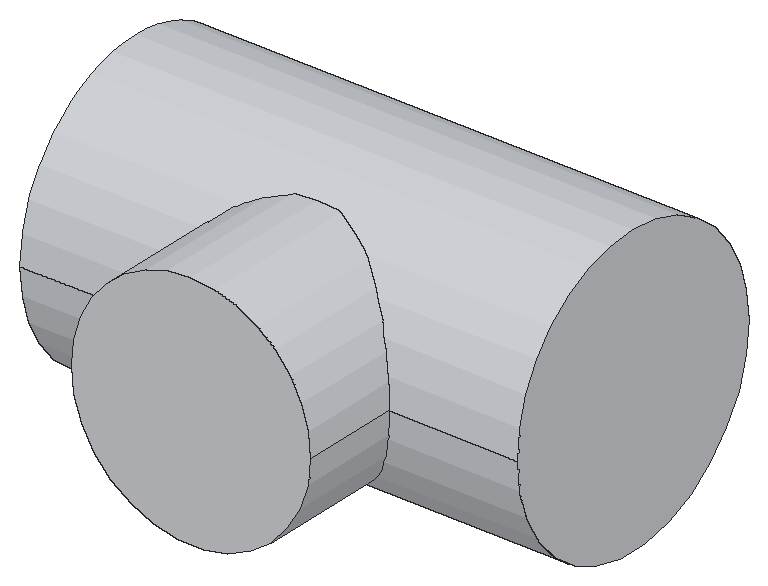
Revit family "Tê de ramificação reduzida - Rosqueado - CU", category Conexões de tubo, Revit 2019
Family settings
  Cota do conector redondo = Usar raio
  Tipo de parte = Tê
  Com base no plano de trabalho = Não
  Sempre na vertical = Sim
  Corte com vazios quando carregada = Não
  Compartilhado = Não
Parameters (values of type "Padrão")
  Tamanho da marca de cota 2 [instance] = 0.4 * Diâmetro externo da conexão 2  # 10.8 mm
  Tamanho da marca de cota 1 [instance] = 0.4 * Diâmetro externo da conexão 1  # 13 mm
  Nome da tabela de pesquisa = "BR_Tee Branch Reduced - Threaded - CU"
  Raio externo da conexão 2 [instance] = Diâmetro externo da conexão 2 / 2  # 13.5 mm
  Raio externo da conexão 1 [instance] = Diâmetro externo da conexão 1 / 2  # 16.25 mm
  Diâmetro externo da conexão 2 [instance] = size_lookup(Nome da tabela de pesquisa, "FOD", 1.12 * Diâmetro nominal 2 + 10.5 mm, Diâmetro nominal 2)  # 27 mm
  Diâmetro externo da conexão 1 [instance] = size_lookup(Nome da tabela de pesquisa, "FOD", 1.12 * Diâmetro nominal 1 + 10.5 mm, Diâmetro nominal 1)  # 32.5 mm
  Raio nominal 2 [instance] = 7.5 mm
  Raio nominal 1 [instance] = 10 mm
  Diâmetro nominal 2 [instance] = Raio nominal 2 * 2  # 15 mm
  Diâmetro nominal 1 [instance] = Raio nominal 1 * 2  # 20 mm
  Método de perda = Coeficiente K da tabela
  Tabela de coeficiente K = "T rosqueado"
  Centro para o trecho da face [instance] = size_lookup(Nome da tabela de pesquisa, "CtFR", 0.4 * Diâmetro nominal 1 + 0.55 * Diâmetro nominal 2 + 14.9 mm, Diâmetro nominal 1, Diâmetro nominal 2)  # 28 mm
  Legenda do centro para o trecho da face [instance] = if(Centro para o trecho da face < Legenda do centro para a ramificação da face * cos(Ângulo 1) + Raio externo da conexão 2 * sin(Ângulo 1), Legenda do centro para a ramificação da face * cos(Ângulo 1) + Raio externo da conexão 2 * sin(Ângulo 1), Centro para o trecho da face)  # 28 mm
  Legenda do centro para a ramificação da face [instance] = if(Centro para a ramificação da face * sin(Ângulo 1) - Raio externo da conexão 2 * cos(Ângulo 1) < Raio externo da conexão 1, (Raio externo da conexão 1 + Raio externo da conexão 2 * cos(Ângulo 1)) / sin(Ângulo 1), Centro para a ramificação da face)  # 27.18 mm
  Centro para a ramificação da face [instance] = size_lookup(Nome da tabela de pesquisa, "CtFB", 0.95 * Diâmetro nominal 1 + 16.5 mm, Diâmetro nominal 1, Diâmetro nominal 2)  # 27.18 mm
  Ângulo [instance] = 90.00°
  Ângulo 1 [instance] = if(Ângulo > 90.00°, 180.00° - Ângulo, Ângulo)  # 90.00°
Reference planes
  plane 1 "Centro (Frente/Trás)": y = 0
  plane 2: z = 0
  plane 3 "Centro (Esquerda/Direita)": x = 0
  plane 4: x = -28
  plane 5: x = 28
  plane 6: y = 13
  plane 7: y = -13
Forms (mm)
  Sweep 1, solid, detail levels fine
    path in 3D
      loop
        line (-28, 0, 0) -> (28, 0, 0)
    profile origin (0, 0, 0) x (0, 1, 0) y (0, 0, 1)
      loop
        circle (0, 0) r 16.25
  Sweep 2, solid, detail levels fine
    path in 3D
      loop
        line (0, 0, 0) -> (0, -27.18, 0)
    profile origin (0, -13.59, 0) x (1, 0, 0) y (0, 0, 1)
      loop
        circle (0, 0) r 13.5
Cuts and joins
  joined: Sweep 1, Sweep 2
Lines and regions (mm)
  model lines, detail levels coarse+medium
    curve 1: line (-28, 0, 0) -> (28, 0, 0)
    curve 3: line (0, 0, 0) -> (0, -27.18, 0)
    curve 5: line (-28, 13, 0) -> (-28, -13, 0)
    curve 6: line (28, 13, 0) -> (28, -13, 0)
    curve 7: line (0, -27.18, 0) -> (10.8, -27.18, 0)
    curve 8: line (0, -27.18, 0) -> (-10.8, -27.18, 0)
  sketch lines
    curve 2: line (-28, 0, 0) -> (28, 0, 0)
    curve 4: line (0, 0, 0) -> (0, -27.18, 0)
Dimensions and locks
  "Legenda do centro para o trecho da face": plane 4 to plane 3 "Centro (Esquerda/Direita)"
  "Legenda do centro para o trecho da face": plane 3 "Centro (Esquerda/Direita)" to plane 5
  "Legenda do centro para a ramificação da face": curve 3 to curve 3
  "Tamanho da marca de cota 1": plane 6 to plane 1 "Centro (Frente/Trás)"
  "Tamanho da marca de cota 1": plane 7 to plane 1 "Centro (Frente/Trás)"
  "Tamanho da marca de cota 2": curve 7 to curve 7
  "Tamanho da marca de cota 2": curve 8 to curve 8
  "Raio externo da conexão 1": radius of Sweep 1 sketch curve
  "Raio externo da conexão 2": radius of Sweep 2 sketch curve
  "Ângulo": angle curve 3 to curve 1
  locked: curve 7 to curve 3 (angle 90.00°)
  locked: curve 3 to curve 8 (angle 90.00°)
  aligned and locked: plane 1 "Centro (Frente/Trás)" to curve 1
  aligned and locked: plane 1 "Centro (Frente/Trás)" to Sweep 1 sketch curve
  aligned and locked: plane 2 to Sweep 2 sketch curve
  aligned and locked: plane 2 to Sweep 1 sketch curve
  aligned and locked: plane 3 "Centro (Esquerda/Direita)" to curve 3
  aligned and locked: plane 5 to curve 1
  aligned and locked: plane 4 to curve 1
  aligned and locked: plane 7 to curve 5
  aligned and locked: plane 6 to curve 5
  aligned and locked: curve 5 to plane 4
  aligned and locked: plane 6 to curve 6
  aligned and locked: plane 7 to curve 6
  aligned and locked: curve 6 to plane 5
Automatic sketch dimensions
  profile plane to Sweep 2 sketch curve = 0 mm
Connectors
  piping at (-28, 0, 0), diameter 20, driven by "Raio nominal 1"
    settings: on Sweep 1, index 1, connector inside diameter 20 mm, connector length 0 mm, flow factor 0, pipe flow 0.0 L/s, pressure drop 0.0 Pa, fitting loss kfactor 0, connector angle 0.00°, fixture units 0, engagement length 0 mm, angle of deflection 0.00°, flow configuration 0, flow direction 0, fitting loss method 0, system type 28, joint type 0, gender type 0, connector reference index 2, connector utility 0, adjustable connector no, is connector primary yes, connector description ""
  piping at (28, 0, 0), diameter 20, driven by "Raio nominal 1"
    settings: on Sweep 1, index 2, connector inside diameter 20 mm, connector length 0 mm, flow factor 0, pipe flow 0.0 L/s, pressure drop 0.0 Pa, fitting loss kfactor 0, connector angle 0.00°, fixture units 0, engagement length 0 mm, angle of deflection 0.00°, flow configuration 0, flow direction 0, fitting loss method 0, system type 28, joint type 0, gender type 0, connector reference index 1, connector utility 0, adjustable connector no, is connector primary no, connector description ""
  piping at (0, -27.18, 0), diameter 15, driven by "Ângulo", driven by "Raio nominal 2"
    settings: on Sweep 2, index 3, connector inside diameter 15 mm, connector length 0 mm, flow factor 0, pipe flow 0.0 L/s, pressure drop 0.0 Pa, fitting loss kfactor 0, connector angle 90.00°, fixture units 0, engagement length 0 mm, angle of deflection 0.00°, flow configuration 0, flow direction 0, fitting loss method 0, system type 28, joint type 0, gender type 0, connector reference index -1, connector utility 0, adjustable connector no, is connector primary no, connector description ""
